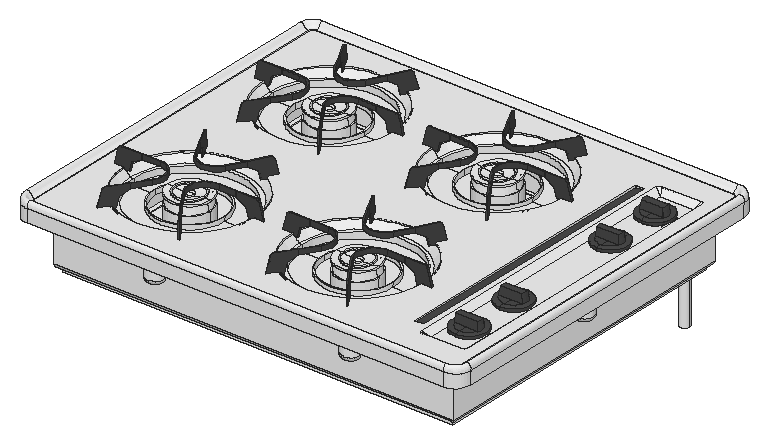
Revit family "QF_Summit_ZNL033_Cooktop", category Specialty Equipment, Revit 2020
Family settings
  Round Connector Dimension = Use Diameter
  Part Type = Normal
  Work Plane-Based = No
  Always vertical = Yes
  Cut with Voids When Loaded = No
  Shared = No
  Room Calculation Point = No
Parameters
  Weight in Pounds = 27
  Watts = 0 W
  Volts = 115 V
  URL Cutsheet = ""
  Specification by User = ""
  Specification by Manufacturer = ""
  Serial Number = ""
  Seismic Rating = ""
  SMACNA No = ""
  Revision Code = ""
  Plumbing Remarks = ""
  Plumbing Connection Type = ""
  Phase = 1
  Number of Poles = 1
  NAFEM Spec ID Number = ""
  Model = "ZNL033"
  Min Ckt Ampacity = 0 A
  Max Overcurrent Protection = 0 A
  Masterspec = ""
  Manufacturer = "Summit"
  Length = 24"
  Item Number = ""
  Installed By = ""
  Identify Quantity as Lot = yes
  Height = 3 3/4"
  HP = ""
  Gas Size = 0"
  Gas RI Height = 0"
  Gas KW = 0
  Gas Input = 9000.0 Btu/h
  Gas Connection Height = 0"
  Furnished By = ""
  Foodservice Equipment Identifier = yes
  FL Amps = 0 A
  Electrical Remarks = ""
  Elec Conn RI Height = 0"
  Elec Conn Connection Height = 0"
  Description = "Cooktop"
  Depth = 20"
  Default Elevation = 0"
  Cycle = 60 Hz
  Conn Plug = "3 Prong Cord"
  Conn Conduit = yes
  CSI MasterFormat = ""
  Apparent Power = 0 VA
Reference planes (in)
  plane 1 "BACK": y = 0
  plane 2: z = 0
  plane 3 "LEFT": x = 0
  plane 4 "RIGHT": x = 24
  plane 5 "FRONT": y = -20
  plane 6 "TOP": z = 3.75
  plane 7 "Center Y": x = 12
  plane 8 "Center X": y = -10
  plane 9: z = 2.75
  plane 10: z = 0.25
  plane 11: z = -2.75
Forms (in)
  Sweep 1, solid, material "QF_Metal_Chrome_Satin"
    path origin (0, 0, 3.74988) x (-1, 0, 0) y (0, -1, 0)
      loop
        line (-0.0625, 0.8125) -> (-0.0625, 19.1875)
        arc (-0.0625, 19.1875) -> (-0.28217, 19.71783) -> (-0.8125, 19.9375) r 0.75
        line (-0.8125, 19.9375) -> (-23.1875, 19.9375)
        arc (-23.1875, 19.9375) -> (-23.71783, 19.71783) -> (-23.9375, 19.1875) r 0.75
        line (-23.9375, 19.1875) -> (-23.9375, 0.8125)
        arc (-23.9375, 0.8125) -> (-23.71783, 0.28217) -> (-23.1875, 0.0625) r 0.75
        line (-23.1875, 0.0625) -> (-0.8125, 0.0625)
        arc (-0.8125, 0.0625) -> (-0.28217, 0.28217) -> (-0.0625, 0.8125) r 0.75
    profile origin (0.0625, -10, 3.74988) x (1, 0, 0) y (0, 0, 1)
      loop
        line (0.50007, -0.99988) -> (0.50007, -0.24988)
        spline (0.50007, -0.24988) -> (0.38683, -0.22526) -> (0.30986, -0.16677) -> (0.25459, -0.09746) -> (0.20654, -0.0403) -> (0.15715, -0.00897) -> (0.1083, -0.00102) -> (0.06291, -0.01235) -> (0.02367, -0.03905) -> (-0.00886, -0.07917) -> (-0.03532, -0.13183) -> (-0.05489, -0.20201) -> (-0.06266, -0.31115)
        line (-0.06266, -0.31115) -> (-0.06266, -0.99988) -> (0.50007, -0.99988)
  Extrusion 2, solid, material "QF_Metal_Chrome_Satin"
    sketch origin (23.1875, -0.5625, 3.24988) x (0, 1, 0) y (1, 0, 0)
      loop
        circle (-4.74127, -17.90956) r 3.49904
      loop
        line (-18.875, 0) -> (-18.875, -22.375)
        arc (-18.875, -22.375) -> (-18.80178, -22.55178) -> (-18.625, -22.625) r 0.25
        line (-18.625, -22.625) -> (-0.25, -22.625)
        arc (-0.25, -22.625) -> (-0.07322, -22.55178) -> (0, -22.375) r 0.25
        line (0, -22.375) -> (0, 0)
        arc (0, 0) -> (-0.07322, 0.17678) -> (-0.25, 0.25) r 0.25
        line (-0.25, 0.25) -> (-18.625, 0.25)
        arc (-18.625, 0.25) -> (-18.80178, 0.17678) -> (-18.875, 0) r 0.25
      loop
        circle (-4.74127, -8.85096) r 3.49904
      loop
        circle (-14.13373, -17.90956) r 3.49904
      loop
        circle (-14.13373, -8.85096) r 3.49904
    from 0.49988 to -0.25012
  Blend 3, void
    base sketch origin (23.18874, -0.56796, 3.54988) x (0, 1, 0) y (-1, 0, 0)
      loop
        arc (-1.25, 2.75) -> (-1.32322, 2.92678) -> (-1.5, 3) r 0.25
        line (-1.5, 3) -> (-17.375, 3)
        arc (-17.375, 3) -> (-17.55178, 2.92678) -> (-17.625, 2.75) r 0.25
        line (-17.625, 2.75) -> (-17.625, 0.5)
        arc (-17.625, 0.5) -> (-17.55178, 0.32322) -> (-17.375, 0.25) r 0.25
        line (-17.375, 0.25) -> (-1.5, 0.25)
        arc (-1.5, 0.25) -> (-1.32322, 0.32322) -> (-1.25, 0.5) r 0.25
        line (-1.25, 0.5) -> (-1.25, 2.75)
    top sketch origin (23.18874, -0.56796, 3.54988) x (0, 1, 0) y (-1, 0, 0)
      loop
        line (-1.71875, 2.53125) -> (-17.15625, 2.53125) -> (-17.15625, 0.71875) -> (-1.71875, 0.71875) -> (-1.71875, 2.53125)
    from 0.0625 to -0.31152
  Extrusion 4, void
    sketch origin (23.18874, -0.56796, 3.54988) x (0, 1, 0) y (-1, 0, 0)
      loop
        arc (-2, 3.5625) -> (-2.01831, 3.60669) -> (-2.0625, 3.625) r 0.0625
        line (-2.0625, 3.625) -> (-16.8125, 3.625)
        arc (-16.8125, 3.625) -> (-16.85669, 3.60669) -> (-16.875, 3.5625) r 0.0625
        line (-16.875, 3.5625) -> (-16.875, 3.1875)
        arc (-16.875, 3.1875) -> (-16.85669, 3.14331) -> (-16.8125, 3.125) r 0.0625
        line (-16.8125, 3.125) -> (-2.0625, 3.125)
        arc (-2.0625, 3.125) -> (-2.01831, 3.14331) -> (-2, 3.1875) r 0.0625
        line (-2, 3.1875) -> (-2, 3.5625)
    from 0.0625 to -0.125
  Revolve 5, solid, material "QF_Plastic_Black_Smooth"
    sketch origin (21.56528, -3, 0.23835) x (0, 1, 0) y (0, 0, 1)
      loop
        line (-0.75736, 3) -> (-0.50736, 3) -> (-0.50736, 3.07947) -> (0.15671, 3.07947) -> (0.15671, 3.2014)
        arc (0.15671, 3.2014) -> (0.03405, 3.23774) -> (-0.09329, 3.25) r 0.66737
        line (-0.09329, 3.25) -> (-0.75736, 3.25) -> (-0.75736, 3)
      axis (-0.75736, 3.25) -> (-0.75736, 3)
    angle from 0 to 360
  Blend 6, solid, material "QF_Plastic_Black_Smooth"
    base sketch origin (0, -3, 3.98835) x (-1, 0, 0) y (0, -1, 0)
      loop
        arc (-20.9318, 0.55812) -> (-20.90121, 0.75736) -> (-20.9318, 0.95659) r 0.66406
        line (-20.9318, 0.95659) -> (-22.19875, 0.95659)
        arc (-22.19875, 0.95659) -> (-22.22934, 0.75736) -> (-22.19875, 0.55812) r 0.66406
        line (-22.19875, 0.55812) -> (-20.9318, 0.55812)
    top sketch origin (0, -3, 3.98835) x (-1, 0, 0) y (0, -1, 0)
      loop
        arc (-20.98589, 0.57514) -> (-20.95791, 0.75736) -> (-20.98589, 0.93958) r 0.60736
        line (-20.98589, 0.93958) -> (-22.14466, 0.93958)
        arc (-22.14466, 0.93958) -> (-22.17264, 0.75736) -> (-22.14466, 0.57514) r 0.60736
        line (-22.14466, 0.57514) -> (-20.98589, 0.57514)
    from -0.5 to -0.05271
  Revolve 7, solid, material "QF_Plastic_Black_Smooth", not visible
    sketch origin (21.56528, -3, 0) x (0, 1, 0) y (0, 0, 1)
      loop
        line (-0.75736, 3) -> (-0.50736, 3) -> (-0.50736, 3.07947) -> (0.15671, 3.07947) -> (0.15671, 3.2014)
        arc (0.15671, 3.2014) -> (0.03405, 3.23774) -> (-0.09329, 3.25) r 0.66737
        line (-0.09329, 3.25) -> (-0.75736, 3.25) -> (-0.75736, 3)
      axis (-0.75736, 3.25) -> (-0.75736, 3)
    angle from 0 to 360
  Blend 8, solid, material "QF_Plastic_Black_Smooth", not visible
    base sketch origin (0, -3, 3.75) x (-1, 0, 0) y (0, -1, 0)
      loop
        arc (-20.9318, 0.55812) -> (-20.90121, 0.75736) -> (-20.9318, 0.95659) r 0.66406
        line (-20.9318, 0.95659) -> (-22.19875, 0.95659)
        arc (-22.19875, 0.95659) -> (-22.22934, 0.75736) -> (-22.19875, 0.55812) r 0.66406
        line (-22.19875, 0.55812) -> (-20.9318, 0.55812)
    top sketch origin (0, -3, 3.75) x (-1, 0, 0) y (0, -1, 0)
      loop
        arc (-20.98589, 0.57514) -> (-20.95791, 0.75736) -> (-20.98589, 0.93958) r 0.60736
        line (-20.98589, 0.93958) -> (-22.14466, 0.93958)
        arc (-22.14466, 0.93958) -> (-22.17264, 0.75736) -> (-22.14466, 0.57514) r 0.60736
        line (-22.14466, 0.57514) -> (-20.98589, 0.57514)
    from -0.5 to -0.05271
  Revolve 9, solid, material "QF_Plastic_Black_Smooth"
    sketch origin (21.56309, -3.00158, 0.23835) x (0, 1, 0) y (0, 0, 1)
      loop
        line (-3.75736, 3) -> (-3.50736, 3) -> (-3.50736, 3.07947) -> (-2.84329, 3.07947) -> (-2.84329, 3.2014)
        arc (-2.84329, 3.2014) -> (-2.96595, 3.23774) -> (-3.09329, 3.25) r 0.66737
        line (-3.09329, 3.25) -> (-3.75736, 3.25) -> (-3.75736, 3)
      axis (-3.75736, 3.25) -> (-3.75736, 3)
    angle from 0 to 360
  Blend 10, solid, material "QF_Plastic_Black_Smooth"
    base sketch origin (-0.00218, -3.00158, 3.98835) x (-1, 0, 0) y (0, -1, 0)
      loop
        arc (-20.9318, 3.55812) -> (-20.90121, 3.75736) -> (-20.9318, 3.95659) r 0.66406
        line (-20.9318, 3.95659) -> (-22.19875, 3.95659)
        arc (-22.19875, 3.95659) -> (-22.22934, 3.75736) -> (-22.19875, 3.55812) r 0.66406
        line (-22.19875, 3.55812) -> (-20.9318, 3.55812)
    top sketch origin (-0.00218, -3.00158, 3.98835) x (-1, 0, 0) y (0, -1, 0)
      loop
        arc (-20.98589, 3.57514) -> (-20.95791, 3.75736) -> (-20.98589, 3.93958) r 0.60736
        line (-20.98589, 3.93958) -> (-22.14466, 3.93958)
        arc (-22.14466, 3.93958) -> (-22.17264, 3.75736) -> (-22.14466, 3.57514) r 0.60736
        line (-22.14466, 3.57514) -> (-20.98589, 3.57514)
    from -0.5 to -0.05271
  Revolve 11, solid, material "QF_Plastic_Black_Smooth"
    sketch origin (21.56309, -6.00158, 0.23835) x (0, 1, 0) y (0, 0, 1)
      loop
        line (-10.24264, 3) -> (-10.24264, 3.25) -> (-10.90671, 3.25)
        arc (-10.90671, 3.25) -> (-11.03405, 3.23774) -> (-11.15671, 3.2014) r 0.66737
        line (-11.15671, 3.2014) -> (-11.15671, 3.07947) -> (-10.49264, 3.07947) -> (-10.49264, 3) -> (-10.24264, 3)
      axis (-10.24264, 3.25) -> (-10.24264, 3)
    angle from 0 to 360
  Blend 12, solid, material "QF_Plastic_Black_Smooth"
    base sketch origin (-0.00218, -6.00158, 3.98835) x (-1, 0, 0) y (0, -1, 0)
      loop
        line (-20.9318, 10.44188) -> (-22.19875, 10.44188)
        arc (-22.19875, 10.44188) -> (-22.22934, 10.24264) -> (-22.19875, 10.04341) r 0.66406
        line (-22.19875, 10.04341) -> (-20.9318, 10.04341)
        arc (-20.9318, 10.04341) -> (-20.90121, 10.24264) -> (-20.9318, 10.44188) r 0.66406
    top sketch origin (-0.00218, -6.00158, 3.98835) x (-1, 0, 0) y (0, -1, 0)
      loop
        line (-20.98589, 10.42486) -> (-22.14466, 10.42486)
        arc (-22.14466, 10.42486) -> (-22.17264, 10.24264) -> (-22.14466, 10.06042) r 0.60736
        line (-22.14466, 10.06042) -> (-20.98589, 10.06042)
        arc (-20.98589, 10.06042) -> (-20.95791, 10.24264) -> (-20.98589, 10.42486) r 0.60736
    from -0.5 to -0.05271
  Revolve 13, solid, material "QF_Plastic_Black_Smooth"
    sketch origin (21.56309, -3.00158, 0.23835) x (0, 1, 0) y (0, 0, 1)
      loop
        line (-10.24264, 3) -> (-10.24264, 3.25) -> (-10.90671, 3.25)
        arc (-10.90671, 3.25) -> (-11.03405, 3.23774) -> (-11.15671, 3.2014) r 0.66737
        line (-11.15671, 3.2014) -> (-11.15671, 3.07947) -> (-10.49264, 3.07947) -> (-10.49264, 3) -> (-10.24264, 3)
      axis (-10.24264, 3.25) -> (-10.24264, 3)
    angle from 0 to 360
  Blend 14, solid, material "QF_Plastic_Black_Smooth"
    base sketch origin (-0.00218, -3.00158, 3.98835) x (-1, 0, 0) y (0, -1, 0)
      loop
        line (-20.9318, 10.44188) -> (-22.19875, 10.44188)
        arc (-22.19875, 10.44188) -> (-22.22934, 10.24264) -> (-22.19875, 10.04341) r 0.66406
        line (-22.19875, 10.04341) -> (-20.9318, 10.04341)
        arc (-20.9318, 10.04341) -> (-20.90121, 10.24264) -> (-20.9318, 10.44188) r 0.66406
    top sketch origin (-0.00218, -3.00158, 3.98835) x (-1, 0, 0) y (0, -1, 0)
      loop
        line (-20.98589, 10.42486) -> (-22.14466, 10.42486)
        arc (-22.14466, 10.42486) -> (-22.17264, 10.24264) -> (-22.14466, 10.06042) r 0.60736
        line (-22.14466, 10.06042) -> (-20.98589, 10.06042)
        arc (-20.98589, 10.06042) -> (-20.95791, 10.24264) -> (-20.98589, 10.42486) r 0.60736
    from -0.5 to -0.05271
  Revolve 15, solid, material "QF_Plastic_Black_Smooth", not visible
    sketch origin (21.56528, -20.00316, 0) x (0, 1, 0) y (0, 0, 1)
      loop
        line (16.2458, 3) -> (16.4958, 3) -> (16.4958, 3.07947) -> (17.15986, 3.07947) -> (17.15986, 3.2014)
        arc (17.15986, 3.2014) -> (17.0372, 3.23774) -> (16.90986, 3.25) r 0.66737
        line (16.90986, 3.25) -> (16.2458, 3.25) -> (16.2458, 3)
      axis (16.2458, 3.25) -> (16.2458, 3)
    angle from 0 to 360
  Blend 16, solid, material "QF_Plastic_Black_Smooth", not visible
    base sketch origin (0, -20.00316, 3.75) x (-1, 0, 0) y (0, -1, 0)
      loop
        arc (-20.9318, -16.44503) -> (-20.90121, -16.2458) -> (-20.9318, -16.04657) r 0.66406
        line (-20.9318, -16.04657) -> (-22.19875, -16.04657)
        arc (-22.19875, -16.04657) -> (-22.22934, -16.2458) -> (-22.19875, -16.44503) r 0.66406
        line (-22.19875, -16.44503) -> (-20.9318, -16.44503)
    top sketch origin (0, -20.00316, 3.75) x (-1, 0, 0) y (0, -1, 0)
      loop
        arc (-20.98589, -16.42802) -> (-20.95791, -16.2458) -> (-20.98589, -16.06358) r 0.60736
        line (-20.98589, -16.06358) -> (-22.14466, -16.06358)
        arc (-22.14466, -16.06358) -> (-22.17264, -16.2458) -> (-22.14466, -16.42802) r 0.60736
        line (-22.14466, -16.42802) -> (-20.98589, -16.42802)
    from -0.5 to -0.05271
  Extrusion 17, solid, material "QF_Metal_Chrome_Satin"
    sketch origin (9.68847, 8.08075, 0) x (-1, 0, 0) y (0, 1, 0)
      loop
        circle (-12, -10) r 0.25
    from -0.25 to 2.75
  Sweep 18, solid, material "QF_Metal_Chrome_Satin"
    path origin (0, 0, 0) x (1, 0, 0) y (0, 1, 0)
      loop
        line (22.75, -1.25) -> (1.25, -1.25) -> (1.25, -18.75) -> (22.75, -18.75) -> (22.75, -1.25)
    profile origin (22.75, -10, 0) x (1, 0, 0) y (0, 0, 1)
      loop
        line (-0.25, 0) -> (-0.25, 0.25) -> (-0.13174, 0.25)
        arc (-0.13174, 0.25) -> (-0.03859, 0.28859) -> (0, 0.38174) r 0.13174
        line (0, 0.38174) -> (0, 2.75) -> (-0.125, 2.75) -> (-0.125, 0.375) -> (-0.375, 0.375) -> (-0.375, 0) -> (-0.25, 0)
  Extrusion 19, solid, material "QF_Metal_Chrome_Satin"
    sketch origin (22.375, -1.625, 0.375) x (0, -1, 0) y (1, 0, 0)
      loop
        line (0, -20.75) -> (16.75, -20.75) -> (16.75, 0) -> (0, 0) -> (0, -20.75)
    from 0 to -0.125
  Extrusion 20, solid, material "QF_Metal_Chrome_Satin"
    sketch origin (22.375, -1.625, 0.25) x (1, 0, 0) y (0, -1, 0)
      loop
        circle (-1.43653, 0.29425) r 0.25
    from 0 to 0.0625
  Revolve 21, solid, material "QF_Metal_Chrome_Satin"
    sketch origin (0, -10, 0) x (1, 0, 0) y (0, 0, 1)
      loop
        line (1.25, 2.75) -> (0.75, 2.75) -> (0.75, 1.75)
        arc (0.75, 1.75) -> (0.8255, 1.58445) -> (1, 1.5329) r 0.21926
        line (1, 1.5329) -> (1.25, 1.5329) -> (1.25, 2.75)
      axis (1.25, 1.5329) -> (1.25, 2.75)
    angle from -90 to 90
  Revolve 22, solid, material "QF_Metal_Chrome_Satin"
    sketch origin (24, -10, 0) x (-1, 0, 0) y (0, 0, -1)
      loop
        line (1.25, -2.75) -> (1.25, -1.5329) -> (1, -1.5329)
        arc (1, -1.5329) -> (0.8255, -1.58445) -> (0.75, -1.75) r 0.21926
        line (0.75, -1.75) -> (0.75, -2.75) -> (1.25, -2.75)
      axis (1.25, -1.5329) -> (1.25, -2.75)
    angle from -90 to 90
  Revolve 23, solid, material "QF_Metal_Chrome_Satin"
    sketch origin (18.44698, -1.25, 0) x (-1, 0, 0) y (0, 0, -1)
      loop
        line (1.25, -2.75) -> (1.25, -1.5329) -> (1, -1.5329)
        arc (1, -1.5329) -> (0.8255, -1.58445) -> (0.75, -1.75) r 0.21926
        line (0.75, -1.75) -> (0.75, -2.75) -> (1.25, -2.75)
      axis (1.25, -1.5329) -> (1.25, -2.75)
    angle from 0 to 180
  Revolve 24, solid, material "QF_Metal_Chrome_Satin"
    sketch origin (7.94698, -1.25, 0) x (-1, 0, 0) y (0, 0, -1)
      loop
        line (1.25, -2.75) -> (1.25, -1.5329) -> (1, -1.5329)
        arc (1, -1.5329) -> (0.8255, -1.58445) -> (0.75, -1.75) r 0.21926
        line (0.75, -1.75) -> (0.75, -2.75) -> (1.25, -2.75)
      axis (1.25, -1.5329) -> (1.25, -2.75)
    angle from 0 to 180
  Revolve 25, solid, material "QF_Metal_Chrome_Satin"
    sketch origin (18.44698, -18.75, 0) x (-1, 0, 0) y (0, 0, 1)
      loop
        line (1.25, 2.75) -> (0.75, 2.75) -> (0.75, 1.75)
        arc (0.75, 1.75) -> (0.8255, 1.58445) -> (1, 1.5329) r 0.21926
        line (1, 1.5329) -> (1.25, 1.5329) -> (1.25, 2.75)
      axis (1.25, 1.5329) -> (1.25, 2.75)
    angle from 0 to 180
  Revolve 26, solid, material "QF_Metal_Chrome_Satin"
    sketch origin (7.94698, -18.75, 0) x (-1, 0, 0) y (0, 0, 1)
      loop
        line (1.25, 2.75) -> (0.75, 2.75) -> (0.75, 1.75)
        arc (0.75, 1.75) -> (0.8255, 1.58445) -> (1, 1.5329) r 0.21926
        line (1, 1.5329) -> (1.25, 1.5329) -> (1.25, 2.75)
      axis (1.25, 1.5329) -> (1.25, 2.75)
    angle from 0 to 180
Cuts and joins
  Blend 3, Extrusion 4 cuts Extrusion 2
Lines and regions (in)
  symbolic lines
    curve 1: arc (21.56528, -2.84329, 3.98835) -> (20.65121, -3.75736, 3.98835) -> (21.56528, -4.67142, 3.98835) r 0.91406
    curve 2: arc (21.56528, -4.67142, 3.98835) -> (22.47934, -3.75736, 3.98835) -> (21.56528, -2.84329, 3.98835) r 0.91406
    curve 3: line (20.9318, -3.55812, 3.98835) -> (22.19875, -3.55812, 3.98835)
    curve 4: line (22.19875, -3.95659, 3.98835) -> (20.9318, -3.95659, 3.98835)
    curve 5: arc (20.9318, -3.55812, 3.98835) -> (20.90121, -3.75736, 3.98835) -> (20.9318, -3.95659, 3.98835) r 0.66406
    curve 6: arc (22.19875, -3.95659, 3.98835) -> (22.22934, -3.75736, 3.98835) -> (22.19875, -3.55812, 3.98835) r 0.66406
    curve 13: arc (21.56309, -5.84487, 3.98835) -> (20.64903, -6.75893, 3.98835) -> (21.56309, -7.673, 3.98835) r 0.91406
    curve 14: arc (21.56309, -7.673, 3.98835) -> (22.47716, -6.75893, 3.98835) -> (21.56309, -5.84487, 3.98835) r 0.91406
    curve 15: line (20.92962, -6.5597, 3.98835) -> (22.19657, -6.5597, 3.98835)
    curve 16: line (22.19657, -6.95817, 3.98835) -> (20.92962, -6.95817, 3.98835)
    curve 17: arc (20.92962, -6.5597, 3.98835) -> (20.89903, -6.75893, 3.98835) -> (20.92962, -6.95817, 3.98835) r 0.66406
    curve 18: arc (22.19657, -6.95817, 3.98835) -> (22.22716, -6.75893, 3.98835) -> (22.19657, -6.5597, 3.98835) r 0.66406
    curve 19: arc (21.56309, -17.15828, 3.98835) -> (20.64903, -16.24422, 3.98835) -> (21.56309, -15.33016, 3.98835) r 0.91406
    curve 20: arc (21.56309, -15.33016, 3.98835) -> (22.47716, -16.24422, 3.98835) -> (21.56309, -17.15828, 3.98835) r 0.91406
    curve 21: line (20.92962, -16.44345, 3.98835) -> (22.19657, -16.44345, 3.98835)
    curve 22: line (22.19657, -16.04499, 3.98835) -> (20.92962, -16.04499, 3.98835)
    curve 23: arc (20.92962, -16.44345, 3.98835) -> (20.89903, -16.24422, 3.98835) -> (20.92962, -16.04499, 3.98835) r 0.66406
    curve 24: arc (22.19657, -16.04499, 3.98835) -> (22.22716, -16.24422, 3.98835) -> (22.19657, -16.44345, 3.98835) r 0.66406
    curve 25: arc (21.56309, -14.15828, 3.98835) -> (20.64903, -13.24422, 3.98835) -> (21.56309, -12.33016, 3.98835) r 0.91406
    curve 26: arc (21.56309, -12.33016, 3.98835) -> (22.47716, -13.24422, 3.98835) -> (21.56309, -14.15828, 3.98835) r 0.91406
    curve 27: line (20.92962, -13.44345, 3.98835) -> (22.19657, -13.44345, 3.98835)
    curve 28: line (22.19657, -13.04499, 3.98835) -> (20.92962, -13.04499, 3.98835)
    curve 29: arc (20.92962, -13.44345, 3.98835) -> (20.89903, -13.24422, 3.98835) -> (20.92962, -13.04499, 3.98835) r 0.66406
    curve 30: arc (22.19657, -13.04499, 3.98835) -> (22.22716, -13.24422, 3.98835) -> (22.19657, -13.44345, 3.98835) r 0.66406
    curve 37: line (0.5625, -0.8125, 0) -> (0.5625, -19.1875, 0)
    curve 38: line (23.1875, -0.5625, 0) -> (0.8125, -0.5625, 0)
    curve 39: arc (0.5625, -0.8125, 0) -> (0.63572, -0.63572, 0) -> (0.8125, -0.5625, 0) r 0.25
    curve 40: arc (23.1875, -0.5625, 0) -> (23.36428, -0.63572, 0) -> (23.4375, -0.8125, 0) r 0.25
    curve 41: line (23.4375, -19.1875, 0) -> (23.4375, -0.8125, 0)
    curve 42: line (22.46999, -2.28671, 0) -> (20.65749, -2.28671, 0)
    curve 43: line (20.65749, -2.28671, 0) -> (20.65749, -17.72421, 0)
    curve 44: line (20.65749, -17.72421, 0) -> (22.46999, -17.72421, 0)
    curve 45: line (22.46999, -17.72421, 0) -> (22.46999, -2.28671, 0)
    curve 46: line (20.50446, -1.9588, 0) -> (22.62302, -1.9588, 0)
    curve 47: arc (22.62302, -1.9588, 0) -> (22.74668, -2.01002, 0) -> (22.7979, -2.13368, 0) r 0.17489
    curve 48: line (22.7979, -2.13368, 0) -> (22.7979, -17.87723, 0)
    curve 49: arc (22.7979, -17.87723, 0) -> (22.74668, -18.0009, 0) -> (22.62302, -18.05212, 0) r 0.17489
    curve 50: line (22.62302, -18.05212, 0) -> (20.50446, -18.05212, 0)
    curve 51: arc (20.50446, -18.05212, 0) -> (20.3808, -18.0009, 0) -> (20.32958, -17.87723, 0) r 0.17489
    curve 52: line (20.32958, -17.87723, 0) -> (20.32958, -2.13368, 0)
    curve 53: arc (20.32958, -2.13368, 0) -> (20.3808, -2.01002, 0) -> (20.50446, -1.9588, 0) r 0.17489
    curve 54: line (19.56374, -17.38046, 0) -> (19.56374, -2.63046, 0)
    curve 55: arc (19.56374, -2.63046, 0) -> (19.58205, -2.58626, 0) -> (19.62624, -2.56796, 0) r 0.0625
    curve 56: line (19.62624, -2.56796, 0) -> (20.00124, -2.56796, 0)
    curve 57: arc (20.00124, -2.56796, 0) -> (20.04543, -2.58626, 0) -> (20.06374, -2.63046, 0) r 0.0625
    curve 58: line (20.06374, -2.63046, 0) -> (20.06374, -17.38046, 0)
    curve 59: arc (20.06374, -17.38046, 0) -> (20.04543, -17.42465, 0) -> (20.00124, -17.44296, 0) r 0.0625
    curve 60: line (20.00124, -17.44296, 0) -> (19.62624, -17.44296, 0)
    curve 61: arc (19.62624, -17.44296, 0) -> (19.58205, -17.42465, 0) -> (19.56374, -17.38046, 0) r 0.0625
    curve 62: line (0.8125, -19.4375, 0) -> (23.1875, -19.4375, 0)
    curve 63: arc (23.4375, -19.1875, 0) -> (23.36428, -19.36428, 0) -> (23.1875, -19.4375, 0) r 0.25
    curve 64: arc (0.8125, -19.4375, 0) -> (0.63572, -19.36428, 0) -> (0.5625, -19.1875, 0) r 0.25
    curve 65: line (-0.00016, -19.1875, 0) -> (-0.00016, -0.8125, 0)
    curve 66: arc (-0.00016, -0.8125, 0) -> (0.23786, -0.23786, 0) -> (0.8125, 0.00016, 0) r 0.81266
    curve 67: line (0.8125, 0.00016, 0) -> (23.1875, 0.00016, 0)
    curve 68: arc (23.1875, 0.00016, 0) -> (23.76214, -0.23786, 0) -> (24.00016, -0.8125, 0) r 0.81266
    curve 69: line (24.00016, -0.8125, 0) -> (24.00016, -19.1875, 0)
    curve 70: arc (24.00016, -19.1875, 0) -> (23.76214, -19.76214, 0) -> (23.1875, -20.00016, 0) r 0.81266
    curve 71: line (23.1875, -20.00016, 0) -> (0.8125, -20.00016, 0)
    curve 72: arc (0.8125, -20.00016, 0) -> (0.23786, -19.76214, 0) -> (-0.00016, -19.1875, 0) r 0.81266
  symbolic lines, not visible
    curve 7: arc (21.56528, -2.84329, 3.75) -> (20.65121, -3.75736, 3.75) -> (21.56528, -4.67142, 3.75) r 0.91406
    curve 8: arc (21.56528, -4.67142, 3.75) -> (22.47934, -3.75736, 3.75) -> (21.56528, -2.84329, 3.75) r 0.91406
    curve 9: line (20.9318, -3.55812, 3.75) -> (22.19875, -3.55812, 3.75)
    curve 10: line (22.19875, -3.95659, 3.75) -> (20.9318, -3.95659, 3.75)
    curve 11: arc (20.9318, -3.55812, 3.75) -> (20.90121, -3.75736, 3.75) -> (20.9318, -3.95659, 3.75) r 0.66406
    curve 12: arc (22.19875, -3.95659, 3.75) -> (22.22934, -3.75736, 3.75) -> (22.19875, -3.55812, 3.75) r 0.66406
    curve 31: arc (21.56528, -2.84329, 3.75) -> (20.65121, -3.75736, 3.75) -> (21.56528, -4.67142, 3.75) r 0.91406
    curve 32: arc (21.56528, -4.67142, 3.75) -> (22.47934, -3.75736, 3.75) -> (21.56528, -2.84329, 3.75) r 0.91406
    curve 33: line (20.9318, -3.55812, 3.75) -> (22.19875, -3.55812, 3.75)
    curve 34: line (22.19875, -3.95659, 3.75) -> (20.9318, -3.95659, 3.75)
    curve 35: arc (20.9318, -3.55812, 3.75) -> (20.90121, -3.75736, 3.75) -> (20.9318, -3.95659, 3.75) r 0.66406
    curve 36: arc (22.19875, -3.95659, 3.75) -> (22.22934, -3.75736, 3.75) -> (22.19875, -3.55812, 3.75) r 0.66406
Dimensions and locks (in)
  equal spacing: plane 3 "LEFT", plane 7 "Center Y", plane 4 "RIGHT"
  "Length": plane 3 "LEFT" to plane 4 "RIGHT"
  equal spacing: plane 5 "FRONT", plane 8 "Center X", plane 1 "BACK"
  "Depth": plane 5 "FRONT" to plane 1 "BACK"
  "Height": plane 6 "TOP" to level
  plane 9 to plane 10 = 2 1/2"
  plane 10 to plane 11 = 3"
  plane 6 "TOP" to plane 9 = 1"
  aligned and locked: level to plane 2
Automatic sketch dimensions
  Blend 6 sketch curve to Blend 6 sketch curve = 0.63347"  (x2)
  Blend 6 sketch curve to Blend 6 sketch curve = 51/256"
  Blend 6 sketch curve to Blend 6 sketch curve = 0"  (x10)
  Blend 6 sketch curve to Blend 6 sketch curve = 0.57938"  (x2)
  Blend 6 sketch curve to Blend 6 sketch curve = 0.18222"
  curve 4 to curve 1 = 0.63347"
  curve 3 to curve 1 = 51/256"
  curve 2 to curve 5 = 183/256"
  curve 3 to curve 4 = 0"
  curve 2 to curve 3 = 0.63347"
  curve 2 to curve 5 = 0"  (x4)
  curve 2 to curve 6 = 0"  (x3)
  curve 5 to curve 6 = 0"  (x3)
  curve 1 to curve 2 = 0"  (x2)
  curve 1 to curve 5 = 0"  (x2)
  curve 1 to curve 6 = 0"  (x2)
  Blend 8 sketch curve to Blend 8 sketch curve = 0.63347"  (x2)
  Blend 8 sketch curve to Blend 8 sketch curve = 51/256"
  Blend 8 sketch curve to Blend 8 sketch curve = 0"  (x10)
  Blend 8 sketch curve to Blend 8 sketch curve = 0.57938"  (x2)
  Blend 8 sketch curve to Blend 8 sketch curve = 0.18222"
  curve 10 to curve 7 = 0.63347"
  curve 9 to curve 7 = 51/256"
  curve 8 to curve 11 = 183/256"
  curve 9 to curve 10 = 0"
  curve 8 to curve 9 = 0.63347"
  curve 8 to curve 11 = 0"  (x4)
  curve 8 to curve 12 = 0"  (x3)
  curve 11 to curve 12 = 0"  (x3)
  curve 7 to curve 8 = 0"  (x2)
  curve 7 to curve 11 = 0"  (x2)
  curve 7 to curve 12 = 0"  (x2)
  Revolve 9 sketch curve to Revolve 9 sketch curve = 1/4"  (x2)
  Revolve 9 sketch curve to Revolve 9 sketch curve = 53/128"
  Revolve 9 sketch curve to Revolve 9 sketch curve = 85/128"
  Revolve 9 sketch curve to Revolve 9 sketch curve = 0"
  Revolve 9 sketch curve to Revolve 9 sketch curve = 0.12193"
  Blend 10 sketch curve to Blend 10 sketch curve = 0.63347"  (x2)
  Blend 10 sketch curve to Blend 10 sketch curve = 51/256"
  Blend 10 sketch curve to Blend 10 sketch curve = 0"  (x10)
  Blend 10 sketch curve to Blend 10 sketch curve = 0.57938"  (x2)
  Blend 10 sketch curve to Blend 10 sketch curve = 0.18222"
  Revolve 9 sketch curve to Revolve 9 sketch curve = 0.41737"
  Revolve 9 sketch curve to Revolve 9 sketch curve = 0.07947"
  Revolve 9 sketch curve to Revolve 9 sketch curve = 0.30818"
  Revolve 11 sketch curve to Revolve 11 sketch curve = 1/4"  (x2)
  Revolve 11 sketch curve to Revolve 11 sketch curve = 53/128"
  Revolve 11 sketch curve to Revolve 11 sketch curve = 85/128"
  Revolve 11 sketch curve to Revolve 11 sketch curve = 0"
  Revolve 11 sketch curve to Revolve 11 sketch curve = 0.12193"
  Blend 12 sketch curve to Blend 12 sketch curve = 0.63347"  (x2)
  Blend 12 sketch curve to Blend 12 sketch curve = 51/256"
  Blend 12 sketch curve to Blend 12 sketch curve = 0"  (x10)
  Blend 12 sketch curve to Blend 12 sketch curve = 0.57938"  (x2)
  Blend 12 sketch curve to Blend 12 sketch curve = 0.18222"
  Revolve 11 sketch curve to Revolve 11 sketch curve = 0.41737"
  Revolve 11 sketch curve to Revolve 11 sketch curve = 0.07947"
  Revolve 11 sketch curve to Revolve 11 sketch curve = 0.30818"
  Revolve 13 sketch curve to Revolve 13 sketch curve = 1/4"  (x2)
  Revolve 13 sketch curve to Revolve 13 sketch curve = 53/128"
  Revolve 13 sketch curve to Revolve 13 sketch curve = 85/128"
  Revolve 13 sketch curve to Revolve 13 sketch curve = 0"
  Revolve 13 sketch curve to Revolve 13 sketch curve = 0.12193"
  Blend 14 sketch curve to Blend 14 sketch curve = 0.63347"  (x2)
  Blend 14 sketch curve to Blend 14 sketch curve = 51/256"
  Blend 14 sketch curve to Blend 14 sketch curve = 0"  (x10)
  Blend 14 sketch curve to Blend 14 sketch curve = 0.57938"  (x2)
  Blend 14 sketch curve to Blend 14 sketch curve = 0.18222"
  Revolve 13 sketch curve to Revolve 13 sketch curve = 0.41737"
  Revolve 13 sketch curve to Revolve 13 sketch curve = 0.07947"
  Revolve 13 sketch curve to Revolve 13 sketch curve = 0.30818"
  curve 16 to curve 13 = 0.63347"
  curve 15 to curve 13 = 51/256"
  curve 14 to curve 17 = 183/256"
  curve 15 to curve 16 = 0"
  curve 14 to curve 15 = 0.63347"
  curve 14 to curve 17 = 0"  (x4)
  curve 14 to curve 18 = 0"  (x3)
  curve 17 to curve 18 = 0"  (x3)
  curve 13 to curve 14 = 0"  (x2)
  curve 13 to curve 17 = 0"  (x2)
  curve 13 to curve 18 = 0"  (x2)
  curve 22 to curve 19 = 0.63347"
  curve 19 to curve 21 = 51/256"
  curve 23 to curve 20 = 183/256"
  curve 21 to curve 22 = 0"
  curve 20 to curve 21 = 0.63347"
  curve 20 to curve 23 = 0"  (x4)
  curve 20 to curve 24 = 0"  (x3)
  curve 23 to curve 24 = 0"  (x3)
  curve 19 to curve 20 = 0"  (x2)
  curve 19 to curve 23 = 0"  (x2)
  curve 19 to curve 24 = 0"  (x2)
  curve 28 to curve 25 = 0.63347"
  curve 25 to curve 27 = 51/256"
  curve 29 to curve 26 = 183/256"
  curve 27 to curve 28 = 0"
  curve 26 to curve 27 = 0.63347"
  curve 26 to curve 29 = 0"  (x4)
  curve 26 to curve 30 = 0"  (x3)
  curve 29 to curve 30 = 0"  (x3)
  curve 25 to curve 26 = 0"  (x2)
  curve 25 to curve 29 = 0"  (x2)
  curve 25 to curve 30 = 0"  (x2)
  Revolve 15 sketch curve to Revolve 15 sketch curve = 1/4"  (x2)
  Revolve 15 sketch curve to Revolve 15 sketch curve = 53/128"
  Revolve 15 sketch curve to Revolve 15 sketch curve = 85/128"
  Revolve 15 sketch curve to Revolve 15 sketch curve = 0"
  Revolve 15 sketch curve to Revolve 15 sketch curve = 0.12193"
  Blend 16 sketch curve to Blend 16 sketch curve = 0.63347"  (x2)
  Blend 16 sketch curve to Blend 16 sketch curve = 51/256"
  Blend 16 sketch curve to Blend 16 sketch curve = 0"  (x10)
  Blend 16 sketch curve to Blend 16 sketch curve = 0.57938"  (x2)
  Blend 16 sketch curve to Blend 16 sketch curve = 0.18222"
  Revolve 15 sketch curve to Revolve 15 sketch curve = 0.41737"
  Revolve 15 sketch curve to Revolve 15 sketch curve = 0.07947"
  Revolve 15 sketch curve to Revolve 15 sketch curve = 0.30818"
  curve 34 to curve 31 = 0.63347"
  curve 33 to curve 31 = 51/256"
  curve 32 to curve 35 = 183/256"
  curve 33 to curve 34 = 0"
  curve 32 to curve 33 = 0.63347"
  curve 32 to curve 35 = 0"  (x4)
  curve 32 to curve 36 = 0"  (x3)
  curve 35 to curve 36 = 0"  (x3)
  curve 31 to curve 32 = 0"  (x2)
  curve 31 to curve 35 = 0"  (x2)
  curve 31 to curve 36 = 0"  (x2)
  Revolve 5 sketch curve to Revolve 5 sketch curve = 1/4"  (x2)
  Revolve 5 sketch curve to Revolve 5 sketch curve = 53/128"
  Revolve 5 sketch curve to Revolve 5 sketch curve = 0.41737"
  Revolve 5 sketch curve to Revolve 5 sketch curve = 0.07947"
  Revolve 5 sketch curve to Revolve 5 sketch curve = 0.12193"
  Revolve 5 sketch curve to Revolve 5 sketch curve = 0"  (x2)
  Revolve 5 sketch curve to Revolve 5 sketch curve = 0.30818"
  Revolve 7 sketch curve to Revolve 7 sketch curve = 1/4"  (x2)
  Revolve 7 sketch curve to Revolve 7 sketch curve = 53/128"
  Revolve 7 sketch curve to Revolve 7 sketch curve = 0.41737"
  Revolve 7 sketch curve to Revolve 7 sketch curve = 0.07947"
  Revolve 7 sketch curve to Revolve 7 sketch curve = 0.12193"
  Revolve 7 sketch curve to Revolve 7 sketch curve = 0"  (x2)
  Revolve 7 sketch curve to Revolve 7 sketch curve = 0.30818"
  plane 4 "RIGHT" to Sweep 1 sketch curve = 1/16"
  Sweep 1 sketch curve to Sweep 1 sketch curve = 3/4"
  Sweep 1 sketch curve to plane 5 "FRONT" = 1/16"
  plane 4 "RIGHT" to Sweep 1 sketch curve = 13/16"
  plane 3 "LEFT" to Sweep 1 sketch curve = 13/16"  (x2)
  plane 3 "LEFT" to Sweep 1 sketch curve = 1/16"
  plane 1 "BACK" to Sweep 1 sketch curve = 13/16"
  profile plane to Sweep 1 sketch curve = 0.06266"
  Sweep 1 sketch curve to profile plane = 0.50007"
  Sweep 1 sketch curve to profile plane = 0.99988"
  Sweep 1 sketch curve to profile plane = 0.31115"
  Sweep 1 sketch curve to profile plane = 0.24988"
  Extrusion 2 sketch curve to plane 5 "FRONT" = 9/16"
  Extrusion 2 sketch curve to Extrusion 2 sketch curve = 1/4"  (x3)
  Extrusion 2 sketch curve to plane 8 "Center X" = 4.69623"  (x2)
  plane 7 "Center Y" to Extrusion 2 sketch curve = 2.33654"  (x2)
  plane 8 "Center X" to Extrusion 2 sketch curve = 4.69623"  (x2)
  plane 1 "BACK" to Extrusion 2 sketch curve = 13/16"  (x2)
  plane 4 "RIGHT" to Extrusion 2 sketch curve = 13/16"
  plane 3 "LEFT" to Extrusion 2 sketch curve = 5.27794"  (x2)
  plane 3 "LEFT" to Extrusion 2 sketch curve = 13/16"
  Blend 3 sketch curve to plane 5 "FRONT" = 1.80704"
  Blend 3 sketch curve to Blend 3 sketch curve = 1/4"  (x3)
  plane 4 "RIGHT" to Blend 3 sketch curve = 1.31126"
  plane 1 "BACK" to Blend 3 sketch curve = 2.06796"  (x2)
  Blend 3 sketch curve to Blend 3 sketch curve = 2 1/4"
  Blend 3 sketch curve to plane 5 "FRONT" = 2.27579"
  plane 1 "BACK" to Blend 3 sketch curve = 2.28671"
  plane 4 "RIGHT" to Blend 3 sketch curve = 1.53001"
  Blend 3 sketch curve to Blend 3 sketch curve = 1 13/16"
  Extrusion 4 sketch curve to plane 5 "FRONT" = 2.55704"
  Extrusion 4 sketch curve to Extrusion 4 sketch curve = 1/16"  (x3)
  plane 1 "BACK" to Extrusion 4 sketch curve = 2.63046"
  Extrusion 4 sketch curve to Extrusion 4 sketch curve = 0"
  plane 4 "RIGHT" to Extrusion 4 sketch curve = 3.93626"
  Extrusion 4 sketch curve to Extrusion 4 sketch curve = 3/8"
  plane 4 "RIGHT" to Extrusion 17 sketch curve = 2.31153"
  plane 1 "BACK" to Extrusion 17 sketch curve = 1.91925"
  plane 3 "LEFT" to Sweep 18 sketch curve = 1 1/4"
  plane 4 "RIGHT" to Sweep 18 sketch curve = 1 1/4"
  Sweep 18 sketch curve to plane 5 "FRONT" = 1 1/4"
  plane 1 "BACK" to Sweep 18 sketch curve = 1 1/4"
  Sweep 18 sketch curve to level = 0"
  profile plane to Sweep 18 sketch curve = 0"
  profile plane to Sweep 18 sketch curve = 1/8"
  Sweep 18 sketch curve to Sweep 18 sketch curve = 0.00674"
  profile plane to Sweep 18 sketch curve = 1/4"
  Sweep 18 sketch curve to Sweep 18 sketch curve = 1/8"  (x2)
  level to Sweep 18 sketch curve = 1/4"
  Sweep 18 sketch curve to Sweep 18 sketch curve = 2.36826"
  Extrusion 19 sketch curve to Sweep 18 = 0"  (x4)
  Extrusion 20 sketch curve to Extrusion 20 sketch curve = 0"  (x2)
  Extrusion 19 to Extrusion 20 sketch curve = 0.29425"
  Extrusion 19 to Extrusion 20 sketch curve = 1.43653"
  Extrusion 20 sketch curve to Extrusion 20 sketch curve = 1/4"
  Revolve 21 sketch curve to plane 9 = 0"  (x2)
  plane 3 "LEFT" to Revolve 21 sketch curve = 3/4"
  Revolve 21 sketch curve to Revolve 21 sketch curve = 0.21926"
  Revolve 21 sketch curve to Revolve 21 sketch curve = 0.03074"
  Revolve 21 sketch curve to Revolve 21 sketch curve = 1/4"
  Revolve 21 sketch curve to plane 9 = 1"
  Revolve 21 sketch curve to Revolve 21 sketch curve = 0"
  plane 9 to Revolve 21 sketch curve = 0.41303"
  Revolve 22 sketch curve to plane 9 = 0"  (x2)
  plane 4 "RIGHT" to Revolve 22 sketch curve = 3/4"
  Revolve 22 sketch curve to Revolve 22 sketch curve = 0.21926"
  Revolve 22 sketch curve to Revolve 22 sketch curve = 0.03074"
  Revolve 22 sketch curve to Revolve 22 sketch curve = 1/4"
  Revolve 22 sketch curve to plane 9 = 1"
  Revolve 22 sketch curve to Revolve 22 sketch curve = 0"
  Revolve 22 sketch curve to Revolve 22 sketch curve = 0.41303"
  Revolve 23 sketch curve to plane 9 = 0"  (x2)
  Revolve 23 sketch curve to plane 9 = 1"
  plane 7 "Center Y" to Revolve 23 sketch curve = 5.69698"
  Revolve 23 sketch curve to Revolve 23 sketch curve = 0.21926"
  Revolve 23 sketch curve to Revolve 23 sketch curve = 0.03074"
  Revolve 23 sketch curve to Revolve 23 sketch curve = 1/4"
  Revolve 23 sketch curve to Revolve 23 sketch curve = 0"
  Revolve 23 sketch curve to Revolve 23 sketch curve = 0.41303"
  Revolve 24 sketch curve to plane 9 = 0"  (x2)
  Revolve 24 sketch curve to plane 9 = 1"
  Revolve 24 sketch curve to plane 7 "Center Y" = 4.80302"
  Revolve 24 sketch curve to Revolve 24 sketch curve = 0.21926"
  Revolve 24 sketch curve to Revolve 24 sketch curve = 0.03074"
  Revolve 24 sketch curve to Revolve 24 sketch curve = 1/4"
  Revolve 24 sketch curve to Revolve 24 sketch curve = 0"
  Revolve 24 sketch curve to Revolve 24 sketch curve = 0.41303"
  Revolve 25 sketch curve to plane 9 = 0"  (x2)
  Revolve 25 sketch curve to plane 9 = 1"
  plane 7 "Center Y" to Revolve 25 sketch curve = 5.69698"
  Revolve 25 sketch curve to Revolve 25 sketch curve = 0.21926"
  Revolve 25 sketch curve to Revolve 25 sketch curve = 0.03074"
  Revolve 25 sketch curve to Revolve 25 sketch curve = 1/4"
  Revolve 25 sketch curve to Revolve 25 sketch curve = 0"
  plane 9 to Revolve 25 sketch curve = 0.41303"
  Revolve 26 sketch curve to plane 9 = 0"  (x2)
  Revolve 26 sketch curve to plane 9 = 1"
  Revolve 26 sketch curve to plane 7 "Center Y" = 4.80302"
  Revolve 26 sketch curve to Revolve 26 sketch curve = 0.21926"
  Revolve 26 sketch curve to Revolve 26 sketch curve = 0.03074"
  Revolve 26 sketch curve to Revolve 26 sketch curve = 1/4"
  Revolve 26 sketch curve to Revolve 26 sketch curve = 0"
  plane 9 to Revolve 26 sketch curve = 0.41303"
  curve 39 to curve 66 = 0"  (x2)
  curve 40 to curve 68 = 0"  (x2)
  curve 63 to curve 70 = 0"  (x2)
  curve 64 to curve 72 = 0"
  curve 65 to plane 3 "LEFT" = 0.00016"
  plane 3 "LEFT" to curve 37 = 9/16"
  curve 37 to curve 38 = 1/4"
  curve 64 to curve 64 = 1/4"
  plane 4 "RIGHT" to curve 54 = 4.43626"
  curve 54 to curve 61 = 1/16"
  curve 54 to curve 56 = 1/16"
  curve 60 to curve 60 = 3/8"
  curve 55 to curve 57 = 3/8"
  curve 59 to curve 58 = 1/16"
  curve 56 to curve 52 = 0.32834"
  curve 51 to curve 51 = 0.17489"
  curve 53 to curve 46 = 0.17489"
  curve 51 to curve 43 = 0.15303"
  plane 4 "RIGHT" to curve 44 = 1.53001"
  curve 42 to curve 47 = 0.15303"  (x2)
  curve 44 to curve 50 = 0.15303"
  curve 47 to curve 48 = 0.17489"
  plane 4 "RIGHT" to curve 40 = 13/16"
  plane 5 "FRONT" to curve 71 = 0.00016"
  plane 4 "RIGHT" to curve 71 = 13/16"
  curve 40 to curve 41 = 1/4"
  curve 50 to plane 5 "FRONT" = 1.94788"
  curve 49 to curve 44 = 0.15303"
  curve 52 to curve 60 = 0.43428"
  plane 1 "BACK" to curve 55 = 2.63046"
  curve 57 to curve 43 = 11/32"
  plane 1 "BACK" to curve 68 = 13/16"
  radius of Extrusion 2 sketch curve = 3.49904"  (x4)
  radius of Extrusion 17 sketch curve = 1/4"
Nested families (in)
  nested 1: "Summit_Burner" at (1.52794, -1.55377, 0.18845), type "Summit_Burner"
  nested 2: "Summit_Burner" at (10.58654, -1.55377, 0.18845), type "Summit_Burner"
  nested 3: "Summit_Burner" at (1.52794, -10.94623, 0.18845), type "Summit_Burner"
  nested 4: "Summit_Burner" at (10.58654, -10.94623, 0.18845), type "Summit_Burner"
Connectors (in)
  piping at (21.68847, -1.91925, -2.75), diameter 0.5
    settings: on Extrusion 17, index 1, connector inside diameter 24", connector length 0", flow factor 0, pipe flow 0 GPM, pressure drop 0.00 psi, fitting loss kfactor 0, connector angle 0.00°, fixture units 0, engagement length 0", angle of deflection 0.00°, flow configuration 1, flow direction 1, fitting loss method 0, system type 7, joint type 0, gender type 0, connector reference index -1, connector utility 0, adjustable connector no, is connector primary yes, connector description "Gas Connection"
  electrical at (20.93847, -1.91925, 0.1875), driven by "Volts"
    settings: on Extrusion 20, index 2, voltage 115 V, apparent load 0 VA, apparent load phase1 0 VA, apparent load phase2 0 VA, apparent load phase3 0 VA, power factor 1, load classification "Other", number of poles 1, system type 30, power factor state 1, is connector primary yes, connector utility no, sub classification motor no, connector description "Electrical Connection"
Definition of nested family "Summit_Burner"
  Parameters (values of type "Summit_Burner")
    Model = ""
    Manufacturer = "Summit"
    Length = 7 1/2"
    Height = 3 3/4"
    Description = "Cooktop"
    Depth = 7 1/2"
    Default Elevation = 0"
  Reference planes (in)
    plane 1 "BACK": y = 0
    plane 2: z = 0
    plane 3 "LEFT": x = 0
    plane 4 "RIGHT": x = 7.5
    plane 5 "FRONT": y = -7.5
    plane 6 "TOP": z = 3.75
    plane 7 "Center Y": x = 3.75
    plane 8 "Center X": y = -3.75
  Forms (in)
    Revolve 1, solid
      sketch origin (-1.00614, -3.75, 0) x (1, 0, 0) y (0, 0, 1)
        loop
          spline (4.75614, 3.2974) -> (4.72569, 3.2971) -> (4.69575, 3.29619) -> (4.66685, 3.2947) -> (4.63948, 3.29264) -> (4.6141, 3.29006) -> (4.59115, 3.28699) -> (4.57103, 3.28349) -> (4.55407, 3.27963) -> (4.54057, 3.27546) -> (4.53076, 3.27106) -> (4.52481, 3.2665) -> (4.52281, 3.26186)
          line (4.52281, 3.26186) -> (4.52281, 3.21696)
          arc (4.52281, 3.21696) -> (4.26371, 3.23312) -> (4.00936, 3.28508) r 1.86649
          line (4.00936, 3.28508) -> (4.00936, 3.32514)
          arc (4.00936, 3.32514) -> (3.98019, 3.35431) -> (3.95103, 3.32514) r 0.02917
          line (3.95103, 3.32514) -> (3.95103, 3.28508) -> (3.61868, 3.31928) -> (3.61868, 3.24108) -> (3.76857, 3.21465) -> (3.68998, 2.76893) -> (3.61868, 2.76893) -> (3.61868, 1.8356) -> (4.75614, 1.8356) -> (4.75614, 3.2974)
        loop
          line (1.55611, 2.9044) -> (1.25614, 3.26188) -> (1.25614, 2.50443) -> (2.91868, 2.50443) -> (2.91868, 2.76893) -> (2.86035, 2.76893) -> (2.86035, 2.56277) -> (1.75201, 2.56277) -> (1.75201, 2.9044) -> (1.55611, 2.9044)
        axis (4.75614, 1.8356) -> (4.75614, 3.32514)
      angle from 0 to 360
    Extrusion 2, solid
      sketch origin (0, 0, 3.75) x (-1, 0, 0) y (0, -1, 0)
        loop
          line (-2.5179, 1.48578) -> (-2.46271, 1.51512) -> (-2.90948, 2.35538)
          arc (-2.90948, 2.35538) -> (-3.75, 2.86041) -> (-4.59052, 2.35538) r 0.95194
          line (-4.59052, 2.35538) -> (-5.03729, 1.51512) -> (-4.9821, 1.48578) -> (-4.53533, 2.32603)
          arc (-4.53533, 2.32603) -> (-3.75, 2.79791) -> (-2.96467, 2.32603) r 0.88944
          line (-2.96467, 2.32603) -> (-2.5179, 1.48578)
        loop
          line (-1.21219, 3.78125) -> (-2.16384, 3.78125)
          arc (-2.16384, 3.78125) -> (-2.94917, 4.25312) -> (-2.90122, 5.16806) r 0.88944
          line (-2.90122, 5.16806) -> (-2.35458, 5.97849) -> (-2.40639, 6.01344) -> (-2.95303, 5.20301)
          arc (-2.95303, 5.20301) -> (-3.00435, 4.22378) -> (-2.16384, 3.71875) r 0.95194
          line (-2.16384, 3.71875) -> (-1.21219, 3.71875) -> (-1.21219, 3.78125)
        loop
          line (-6.28781, 3.78125) -> (-6.28781, 3.71875) -> (-5.33616, 3.71875)
          arc (-5.33616, 3.71875) -> (-4.49565, 4.22378) -> (-4.54697, 5.20301) r 0.95194
          line (-4.54697, 5.20301) -> (-5.09361, 6.01344) -> (-5.14542, 5.97849) -> (-4.59878, 5.16806)
          arc (-4.59878, 5.16806) -> (-4.55083, 4.25312) -> (-5.33616, 3.78125) r 0.88944
          line (-5.33616, 3.78125) -> (-6.28781, 3.78125)
      from 0.25 to 0.5
    Extrusion 3, solid
      sketch origin (0, -3.71875, 0) x (-1, 0, 0) y (0, 0, 1)
        loop
          line (-0.20802, 3.31155) -> (0.24994, 3.31155) -> (0.05937, 4.07589)
          arc (0.05937, 4.07589) -> (-0.02208, 4.20131) -> (-0.16348, 4.25) r 0.22968
          line (-0.16348, 4.25) -> (-1.21219, 4.25) -> (-1.21219, 4) -> (-0.67738, 3.69123) -> (-0.55416, 3.19699) -> (-0.30416, 3.19699) -> (-0.20802, 3.31155)
      from 0 to -0.0625
    Extrusion 4, solid
      sketch origin (1.67673, -6.98344, 0) x (-0.559193, -0.829038, 0) y (0, 0, 1)
        loop
          line (-0.20802, 3.31155) -> (0.24994, 3.31155) -> (0.05937, 4.07589)
          arc (0.05937, 4.07589) -> (-0.02208, 4.20131) -> (-0.16348, 4.25) r 0.22968
          line (-0.16348, 4.25) -> (-1.21219, 4.25) -> (-1.21219, 4) -> (-0.67738, 3.69123) -> (-0.55416, 3.19699) -> (-0.30416, 3.19699) -> (-0.20802, 3.31155)
      from 0 to -0.0625
    Extrusion 5, solid
      sketch origin (7.5, -3.71875, 0) x (1, 0, 0) y (0, 0, -1)
        loop
          line (-0.20802, -3.31155) -> (-0.30416, -3.19699) -> (-0.55416, -3.19699) -> (-0.67738, -3.69123) -> (-1.21219, -4) -> (-1.21219, -4.25) -> (-0.16348, -4.25)
          arc (-0.16348, -4.25) -> (-0.02208, -4.20131) -> (0.05937, -4.07589) r 0.22968
          line (0.05937, -4.07589) -> (0.24994, -3.31155) -> (-0.20802, -3.31155)
      from 0 to -0.0625
    Extrusion 6, solid
      sketch origin (5.82327, -6.98344, 0) x (0.559193, -0.829038, 0) y (0, 0, -1)
        loop
          line (-0.20802, -3.31155) -> (-0.30416, -3.19699) -> (-0.55416, -3.19699) -> (-0.67738, -3.69123) -> (-1.21219, -4) -> (-1.21219, -4.25) -> (-0.16348, -4.25)
          arc (-0.16348, -4.25) -> (-0.02208, -4.20131) -> (0.05937, -4.07589) r 0.22968
          line (0.05937, -4.07589) -> (0.24994, -3.31155) -> (-0.20802, -3.31155)
      from 0 to -0.0625
    Extrusion 7, solid
      sketch origin (1.94881, -0.41548, 0) x (-0.469472, 0.882948, 0) y (0, 0, 1)
        loop
          line (-0.20802, 3.31155) -> (0.24994, 3.31155) -> (0.05937, 4.07589)
          arc (0.05937, 4.07589) -> (-0.02208, 4.20131) -> (-0.16348, 4.25) r 0.22968
          line (-0.16348, 4.25) -> (-1.21219, 4.25) -> (-1.21219, 4) -> (-0.67738, 3.69123) -> (-0.55416, 3.19699) -> (-0.30416, 3.19699) -> (-0.20802, 3.31155)
      from 0 to -0.0625
    Extrusion 8, solid
      sketch origin (5.55119, -0.41548, 0) x (0.469472, 0.882948, 0) y (0, 0, -1)
        loop
          line (-0.20802, -3.31155) -> (-0.30416, -3.19699) -> (-0.55416, -3.19699) -> (-0.67738, -3.69123) -> (-1.21219, -4) -> (-1.21219, -4.25) -> (-0.16348, -4.25)
          arc (-0.16348, -4.25) -> (-0.02208, -4.20131) -> (0.05937, -4.07589) r 0.22968
          line (0.05937, -4.07589) -> (0.24994, -3.31155) -> (-0.20802, -3.31155)
      from 0 to -0.0625
  Lines and regions (in)
    symbolic lines
      curve 1: line (0, -7.5, 27) -> (0, -7.5, 26)
      curve 2: circle (3.75, -3.75, 3.75) r 0.80512 normal (0, 0, 1)
      curve 3: circle (3.75, -3.75, 3.75) r 0.74678 normal (0, 0, 1)
      curve 4: circle (3.75, -3.75, 3.75) r 0.23333 normal (0, 0, 1)
      curve 5: line (-0.24994, -3.78125, 3.75) -> (2.16384, -3.78125, 3.75)
      curve 6: line (2.1681, -3.71876, 3.75) -> (-0.24994, -3.71876, 3.75)
      curve 7: line (-0.24994, -3.71876, 3.75) -> (-0.24994, -3.78125, 3.75)
      curve 8: arc (1.92099, -6.73308, 3.75) -> (3.74054, -7.24735, 3.75) -> (5.56205, -6.74006, 3.75) r 3.49978
      curve 9: arc (2.08902, -6.48396, 3.75) -> (3.74048, -6.94686, 3.75) -> (5.39374, -6.49045, 3.75) r 3.19975
      curve 10: arc (2.80998, -5.39281, 3.75) -> (3.73378, -5.63885, 3.75) -> (4.66013, -5.40255, 3.75) r 1.89484
      curve 11: arc (3.11548, -4.69456, 3.75) -> (3.75006, -4.88773, 3.75) -> (4.38451, -4.69416, 3.75) r 1.13775
      curve 12: arc (3.11358, -4.60599, 3.75) -> (3.75009, -4.81648, 3.75) -> (4.38646, -4.60552, 3.75) r 1.06645
      curve 13: arc (2.70583, -3.96546, 3.75) -> (2.82791, -4.28523, 3.75) -> (3.04503, -4.54983, 3.75) r 1.06617
      curve 14: arc (2.62075, -3.90758, 3.75) -> (2.76396, -4.32186, 3.75) -> (3.05307, -4.65132, 3.75) r 1.13848
      curve 15: arc (1.85101, -3.78125, 3.75) -> (2.10293, -4.69369, 3.75) -> (2.76463, -5.37056, 3.75) r 1.89561
      curve 16: arc (0.55022, -3.78125, 3.75) -> (0.95335, -5.30531, 3.75) -> (2.03523, -6.45195, 3.75) r 3.20005
      curve 17: arc (0.25121, -3.78125, 3.75) -> (0.69074, -5.44885, 3.75) -> (1.87327, -6.70414, 3.75) r 3.50004
      curve 18: arc (3.336, -2.76567, 3.75) -> (2.82709, -3.2137, 3.75) -> (2.69076, -3.87789, 3.75) r 1.06729
      curve 19: arc (3.25742, -2.72306, 3.75) -> (2.7652, -3.17872, 3.75) -> (2.61493, -3.83242, 3.75) r 1.13855
      curve 20: arc (4.07713, -2.73557, 3.75) -> (3.74996, -2.6841, 3.75) -> (3.42279, -2.73553, 3.75) r 1.06604
      curve 21: arc (4.16928, -2.69288, 3.75) -> (3.74997, -2.61275, 3.75) -> (3.33065, -2.69285, 3.75) r 1.13737
      curve 22: arc (2.76976, -2.09259, 3.75) -> (2.09515, -2.78438, 3.75) -> (1.84898, -3.71876, 3.75) r 1.89636
      curve 23: arc (4.66187, -2.08805, 3.75) -> (3.74999, -1.8543, 3.75) -> (2.83809, -2.08798, 3.75) r 1.8958
      curve 24: arc (2.17107, -0.96662, 3.75) -> (0.99268, -2.126, 3.75) -> (0.55012, -3.71876, 3.75) r 3.20003
      curve 25: arc (5.27431, -0.93622, 3.75) -> (3.75001, -0.54989, 3.75) -> (2.22573, -0.93629, 3.75) r 3.20003
      curve 26: arc (5.41517, -0.67131, 3.75) -> (3.75001, -0.24988, 3.75) -> (2.08489, -0.67141, 3.75) r 3.5
      curve 27: arc (2.0302, -0.70168, 3.75) -> (0.73555, -1.9715, 3.75) -> (0.25014, -3.71876, 3.75) r 3.5
      curve 28: arc (7.25002, -3.75005, 3.75) -> (6.77237, -1.985, 3.75) -> (5.46979, -0.70171, 3.75) r 3.5
      curve 29: arc (6.95006, -3.75005, 3.75) -> (6.51523, -2.13951, 3.75) -> (5.32891, -0.96665, 3.75) r 3.20003
      curve 30: arc (5.64584, -3.75005, 3.75) -> (5.39712, -2.81134, 3.75) -> (4.71623, -2.11894, 3.75) r 1.8958
      curve 31: arc (4.88188, -3.86551, 3.75) -> (4.74248, -3.19327, 3.75) -> (4.24178, -2.72354, 3.75) r 1.13799
      curve 32: arc (4.80375, -3.91294, 3.75) -> (4.68061, -3.22921, 3.75) -> (4.16245, -2.76642, 3.75) r 1.0664
      curve 33: arc (4.45497, -4.54981, 3.75) -> (4.66215, -4.30196, 3.75) -> (4.78559, -4.00343, 3.75) r 1.06616
      curve 34: arc (4.44699, -4.64889, 3.75) -> (4.72483, -4.33609, 3.75) -> (4.87078, -3.944, 3.75) r 1.13746
      curve 35: arc (4.71999, -5.37886, 3.75) -> (5.38253, -4.71385, 3.75) -> (5.64481, -3.81251, 3.75) r 1.8958
      curve 36: arc (5.44986, -6.46121, 3.75) -> (6.5347, -5.32656, 3.75) -> (6.94939, -3.81251, 3.75) r 3.20003
      curve 37: arc (5.61765, -6.71004, 3.75) -> (6.79962, -5.46744, 3.75) -> (7.24939, -3.81251, 3.75) r 3.5
      curve 38: arc (2.16384, -3.78125, 3.75) -> (2.94917, -4.25312, 3.75) -> (2.90122, -5.16806, 3.75) r 0.88944
      curve 39: arc (2.95303, -5.20301, 3.75) -> (3.00435, -4.22378, 3.75) -> (2.16384, -3.71875, 3.75) r 0.95194
      curve 40: line (2.90122, -5.16806, 3.75) -> (1.53696, -7.19065, 3.75)
      curve 41: line (1.58878, -7.2256, 3.75) -> (2.95303, -5.20301, 3.75)
      curve 42: line (1.53696, -7.19065, 3.75) -> (1.58878, -7.2256, 3.75)
      curve 43: arc (5.33616, -3.71875, 3.75) -> (4.49565, -4.22378, 3.75) -> (4.54697, -5.20301, 3.75) r 0.95194
      curve 44: arc (4.59878, -5.16806, 3.75) -> (4.55083, -4.25312, 3.75) -> (5.33616, -3.78125, 3.75) r 0.88944
      curve 45: line (5.96304, -7.19065, 3.75) -> (4.59878, -5.16806, 3.75)
      curve 46: line (4.54697, -5.20301, 3.75) -> (5.91122, -7.2256, 3.75)
      curve 47: line (7.74994, -3.71875, 3.75) -> (5.33616, -3.71875, 3.75)
      curve 48: line (5.33616, -3.78125, 3.75) -> (7.74994, -3.78125, 3.75)
      curve 49: line (7.74994, -3.78125, 3.75) -> (7.74994, -3.71875, 3.75)
      curve 50: line (5.91122, -7.2256, 3.75) -> (5.96304, -7.19065, 3.75)
      curve 51: arc (2.90948, -2.35538, 3.75) -> (3.75, -2.86041, 3.75) -> (4.59052, -2.35538, 3.75) r 0.95194
      curve 52: arc (4.53533, -2.32603, 3.75) -> (3.75, -2.79791, 3.75) -> (2.96467, -2.32603, 3.75) r 0.88944
      curve 53: line (1.77629, -0.22414, 3.75) -> (2.90948, -2.35538, 3.75)
      curve 54: line (2.96467, -2.32603, 3.75) -> (1.83147, -0.1948, 3.75)
      curve 55: line (5.66853, -0.1948, 3.75) -> (4.53533, -2.32603, 3.75)
      curve 56: line (4.59052, -2.35538, 3.75) -> (5.72371, -0.22414, 3.75)
      curve 57: line (5.72371, -0.22414, 3.75) -> (5.66853, -0.1948, 3.75)
      curve 58: line (1.83147, -0.1948, 3.75) -> (1.77629, -0.22414, 3.75)
  Dimensions and locks (in)
    equal spacing: plane 3 "LEFT", plane 7 "Center Y", plane 4 "RIGHT"
    "Length": plane 3 "LEFT" to plane 4 "RIGHT"
    equal spacing: plane 5 "FRONT", plane 8 "Center X", plane 1 "BACK"
    "Depth": plane 5 "FRONT" to plane 1 "BACK"
    "Height": plane 6 "TOP" to level
    aligned and locked: level to plane 2
  Automatic sketch dimensions
    curve 1 to plane 5 "FRONT" = 0"
    plane 6 "TOP" to curve 1 = 22 1/4"
    curve 1 to curve 1 = 1"
    curve 2 to curve 3 = 0"  (x2)
    curve 2 to curve 4 = 0"
    curve 3 to curve 4 = 0"
    curve 3 to curve 24 = 0"
    curve 4 to curve 13 = 0"
    curve 13 to curve 24 = 0"  (x2)
    curve 13 to curve 27 = 0"  (x2)
    curve 3 to plane 7 "Center Y" = 0"
    curve 4 to plane 8 "Center X" = 0"
    plane 7 "Center Y" to curve 28 = 0"
    curve 29 to curve 28 = 0"
    plane 8 "Center X" to curve 35 = 0"
    plane 7 "Center Y" to curve 35 = 0.00004"
    curve 30 to curve 29 = 0"
    curve 25 to curve 35 = 0.00004"
    curve 26 to curve 25 = 0.00004"  (x2)
    plane 7 "Center Y" to curve 16 = 0.00012"
    plane 7 "Center Y" to curve 18 = 0.00028"
    curve 19 to curve 18 = 0.00017"
    curve 17 to plane 8 "Center X" = 0.0005"
    curve 17 to curve 16 = 0.001"
    curve 33 to plane 8 "Center X" = 0"
    curve 33 to plane 7 "Center Y" = 0"
    curve 33 to curve 34 = 0"  (x2)
    curve 34 to curve 36 = 0"
    curve 36 to curve 37 = 0.00002"
    curve 23 to plane 7 "Center Y" = 0.00008"
    curve 23 to curve 21 = 0"
    curve 21 to curve 20 = 0"
    curve 32 to plane 7 "Center Y" = 0.00009"
    curve 32 to curve 31 = 0.00011"
    curve 12 to plane 8 "Center X" = 0.00003"
    curve 23 to curve 12 = 0.00022"
    plane 8 "Center X" to curve 11 = 0"
    curve 12 to curve 11 = 0"
    plane 8 "Center X" to curve 14 = 0.00028"
    curve 11 to curve 14 = 0.00146"
    curve 14 to curve 8 = 0.00099"
    curve 8 to curve 9 = 0.00049"
    plane 8 "Center X" to curve 15 = 0.00104"
    curve 8 to curve 15 = 0.0009"
